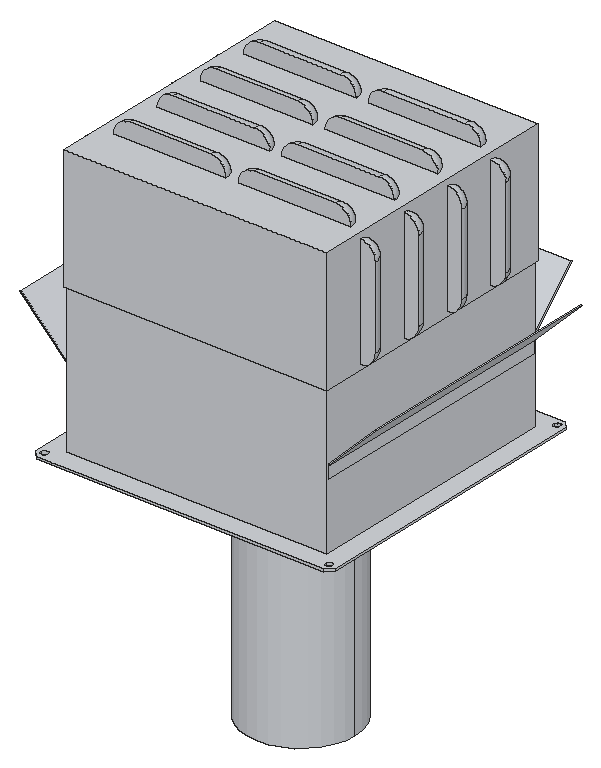
Revit family "PVHEX47-200 - EDVWSPV47", category Generic Models, host Face, Revit 2019
Family settings
  Host = Face
  Can host rebar = No
  Round Connector Dimension = Use Diameter
  Part Type = Normal
  Cut with Voids When Loaded = No
  Shared = No
  Room Calculation Point = No
Parameters
  Default Elevation = 48.00"
Reference planes (in)
  plane 1 "Center (Front/Back)": y = 0
  plane 2: z = 0
  plane 3 "Center (Left/Right)": x = 0
Forms (in)
  Extrusion 1, solid
    sketch origin (0, 0, 0) x (1, 0, 0) y (0, 1, 0)
      loop
        line (-5.53125, 5.28164) -> (-5.53125, -5.28164) -> (-5.28164, -5.53125) -> (5.28164, -5.53125) -> (5.53125, -5.28164) -> (5.53125, 5.28164) -> (5.28164, 5.53125) -> (-5.28164, 5.53125) -> (-5.53125, 5.28164)
      loop
        circle (5.24171, 5.24171) r 0.1248
      loop
        circle (-5.24171, 5.24171) r 0.1248
      loop
        circle (-5.24171, -5.24171) r 0.1248
      loop
        circle (5.24171, -5.24171) r 0.1248
    from 0 to 0.07
  Extrusion 2, solid
    sketch origin (0, 0, 0) x (1, 0, 0) y (0, 1, 0)
      loop
        line (-4.85083, 4.85083) -> (-4.85083, -4.85083) -> (4.85083, -4.85083) -> (4.85083, 4.85083) -> (-4.85083, 4.85083)
    from 5.52 to 10.06
  Extrusion 3, solid
    sketch origin (0, 0, 0) x (1, 0, 0) y (0, 1, 0)
      loop
        line (-4.77744, 4.77744) -> (-4.77744, -4.77744) -> (4.77744, -4.77744) -> (4.77744, 4.77744) -> (-4.77744, 4.77744)
    from 0.07 to 5.52
  Extrusion 4, solid
    sketch origin (-3.62861, -4.77744, -2.0226) x (1, 0, 0) y (0, 0, 1)
      loop
        line (10.1778, 6.76505) -> (8.40606, 4.9933) -> (8.40606, 4.5426) -> (8.442, 4.5426) -> (8.442, 4.97842) -> (10.20321, 6.73963) -> (10.1778, 6.76505)
    from -9.49115 to -0.06374
  Extrusion 5, solid
    sketch origin (3.62861, -4.77744, -2.0226) x (-1, 0, 0) y (0, 0, -1)
      loop
        line (10.1778, -6.76505) -> (10.20321, -6.73963) -> (8.442, -4.97842) -> (8.442, -4.5426) -> (8.40606, -4.5426) -> (8.40606, -4.9933) -> (10.1778, -6.76505)
    from -9.49115 to -0.06374
  Extrusion 6, solid
    sketch origin (4.77744, -3.62861, -2.0226) x (0, 1, 0) y (0, 0, 1)
      loop
        line (10.1778, 6.76505) -> (8.40606, 4.9933) -> (8.40606, 4.5426) -> (8.442, 4.5426) -> (8.442, 4.97842) -> (10.20321, 6.73963) -> (10.1778, 6.76505)
    from -9.49115 to -0.06374
  Revolve 7, solid
    sketch origin (0, 0, 10.06) x (1, 0, 0) y (0, 1, 0)
      loop
        arc (4.42486, 2.76744) -> (4.25719, 3.17223) -> (3.85241, 3.3399) r 0.57245
        line (3.85241, 3.3399) -> (0.85714, 3.3399)
        arc (0.85714, 3.3399) -> (0.45236, 3.17223) -> (0.28469, 2.76744) r 0.57245
        line (0.28469, 2.76744) -> (4.42486, 2.76744)
      axis (0.28469, 2.76744) -> (4.42486, 2.76744)
    angle from 0 to -90
  Revolve 8, solid
    sketch origin (0, -1.99684, 10.06) x (1, 0, 0) y (0, 1, 0)
      loop
        arc (4.42486, 2.76744) -> (4.25719, 3.17223) -> (3.85241, 3.3399) r 0.57245
        line (3.85241, 3.3399) -> (0.85714, 3.3399)
        arc (0.85714, 3.3399) -> (0.45236, 3.17223) -> (0.28469, 2.76744) r 0.57245
        line (0.28469, 2.76744) -> (4.42486, 2.76744)
      axis (0.28469, 2.76744) -> (4.42486, 2.76744)
    angle from 0 to -90
  Revolve 9, solid
    sketch origin (0, -3.99368, 10.06) x (1, 0, 0) y (0, 1, 0)
      loop
        arc (4.42486, 2.76744) -> (4.25719, 3.17223) -> (3.85241, 3.3399) r 0.57245
        line (3.85241, 3.3399) -> (0.85714, 3.3399)
        arc (0.85714, 3.3399) -> (0.45236, 3.17223) -> (0.28469, 2.76744) r 0.57245
        line (0.28469, 2.76744) -> (4.42486, 2.76744)
      axis (0.28469, 2.76744) -> (4.42486, 2.76744)
    angle from 0 to -90
  Revolve 10, solid
    sketch origin (0, -5.99052, 10.06) x (1, 0, 0) y (0, 1, 0)
      loop
        arc (4.42486, 2.76744) -> (4.25719, 3.17223) -> (3.85241, 3.3399) r 0.57245
        line (3.85241, 3.3399) -> (0.85714, 3.3399)
        arc (0.85714, 3.3399) -> (0.45236, 3.17223) -> (0.28469, 2.76744) r 0.57245
        line (0.28469, 2.76744) -> (4.42486, 2.76744)
      axis (0.28469, 2.76744) -> (4.42486, 2.76744)
    angle from 0 to -90
  Revolve 11, solid
    sketch origin (-4.59273, 0, 10.06) x (1, 0, 0) y (0, 1, 0)
      loop
        arc (4.42486, 2.76744) -> (4.25719, 3.17223) -> (3.85241, 3.3399) r 0.57245
        line (3.85241, 3.3399) -> (0.85714, 3.3399)
        arc (0.85714, 3.3399) -> (0.45236, 3.17223) -> (0.28469, 2.76744) r 0.57245
        line (0.28469, 2.76744) -> (4.42486, 2.76744)
      axis (0.28469, 2.76744) -> (4.42486, 2.76744)
    angle from 0 to -90
  Revolve 12, solid
    sketch origin (-4.59273, -1.99684, 10.06) x (1, 0, 0) y (0, 1, 0)
      loop
        arc (4.42486, 2.76744) -> (4.25719, 3.17223) -> (3.85241, 3.3399) r 0.57245
        line (3.85241, 3.3399) -> (0.85714, 3.3399)
        arc (0.85714, 3.3399) -> (0.45236, 3.17223) -> (0.28469, 2.76744) r 0.57245
        line (0.28469, 2.76744) -> (4.42486, 2.76744)
      axis (0.28469, 2.76744) -> (4.42486, 2.76744)
    angle from 0 to -90
  Revolve 13, solid
    sketch origin (-4.59273, -3.99368, 10.06) x (1, 0, 0) y (0, 1, 0)
      loop
        arc (4.42486, 2.76744) -> (4.25719, 3.17223) -> (3.85241, 3.3399) r 0.57245
        line (3.85241, 3.3399) -> (0.85714, 3.3399)
        arc (0.85714, 3.3399) -> (0.45236, 3.17223) -> (0.28469, 2.76744) r 0.57245
        line (0.28469, 2.76744) -> (4.42486, 2.76744)
      axis (0.28469, 2.76744) -> (4.42486, 2.76744)
    angle from 0 to -90
  Revolve 14, solid
    sketch origin (-4.59273, -5.99052, 10.06) x (1, 0, 0) y (0, 1, 0)
      loop
        arc (4.42486, 2.76744) -> (4.25719, 3.17223) -> (3.85241, 3.3399) r 0.57245
        line (3.85241, 3.3399) -> (0.85714, 3.3399)
        arc (0.85714, 3.3399) -> (0.45236, 3.17223) -> (0.28469, 2.76744) r 0.57245
        line (0.28469, 2.76744) -> (4.42486, 2.76744)
      axis (0.28469, 2.76744) -> (4.42486, 2.76744)
    angle from 0 to -90
  Revolve 15, solid
    sketch origin (4.85083, 10.42324, 8.47252) x (0, 0, 1) y (0, -1, 0)
      loop
        line (1.38756, 7.77261) -> (-2.75261, 7.77261)
        arc (-2.75261, 7.77261) -> (-2.58494, 7.36783) -> (-2.18015, 7.20016) r 0.57245
        line (-2.18015, 7.20016) -> (0.81511, 7.20016)
        arc (0.81511, 7.20016) -> (1.21989, 7.36783) -> (1.38756, 7.77261) r 0.57245
      axis (-2.75261, 7.77261) -> (1.38756, 7.77261)
    angle from 0 to -90
  Revolve 16, solid
    sketch origin (4.85083, 8.4264, 8.47252) x (0, 0, 1) y (0, -1, 0)
      loop
        line (1.38756, 7.77261) -> (-2.75261, 7.77261)
        arc (-2.75261, 7.77261) -> (-2.58494, 7.36783) -> (-2.18015, 7.20016) r 0.57245
        line (-2.18015, 7.20016) -> (0.81511, 7.20016)
        arc (0.81511, 7.20016) -> (1.21989, 7.36783) -> (1.38756, 7.77261) r 0.57245
      axis (-2.75261, 7.77261) -> (1.38756, 7.77261)
    angle from 0 to -90
  Revolve 17, solid
    sketch origin (4.85083, 6.42956, 8.47252) x (0, 0, 1) y (0, -1, 0)
      loop
        line (1.38756, 7.77261) -> (-2.75261, 7.77261)
        arc (-2.75261, 7.77261) -> (-2.58494, 7.36783) -> (-2.18015, 7.20016) r 0.57245
        line (-2.18015, 7.20016) -> (0.81511, 7.20016)
        arc (0.81511, 7.20016) -> (1.21989, 7.36783) -> (1.38756, 7.77261) r 0.57245
      axis (-2.75261, 7.77261) -> (1.38756, 7.77261)
    angle from 0 to -90
  Revolve 18, solid
    sketch origin (4.85083, 4.43272, 8.47252) x (0, 0, 1) y (0, -1, 0)
      loop
        line (1.38756, 7.77261) -> (-2.75261, 7.77261)
        arc (-2.75261, 7.77261) -> (-2.58494, 7.36783) -> (-2.18015, 7.20016) r 0.57245
        line (-2.18015, 7.20016) -> (0.81511, 7.20016)
        arc (0.81511, 7.20016) -> (1.21989, 7.36783) -> (1.38756, 7.77261) r 0.57245
      axis (-2.75261, 7.77261) -> (1.38756, 7.77261)
    angle from 0 to -90
  Revolve 19, solid
    sketch origin (-4.85083, 10.42324, 8.47252) x (0, 0, 1) y (0, 1, 0)
      loop
        arc (1.38756, -7.77261) -> (1.21989, -7.36783) -> (0.81511, -7.20016) r 0.57245
        line (0.81511, -7.20016) -> (-2.18015, -7.20016)
        arc (-2.18015, -7.20016) -> (-2.58494, -7.36783) -> (-2.75261, -7.77261) r 0.57245
        line (-2.75261, -7.77261) -> (1.38756, -7.77261)
      axis (-2.75261, -7.77261) -> (1.38756, -7.77261)
    angle from 0 to -90
  Revolve 20, solid
    sketch origin (-4.85083, 8.4264, 8.47252) x (0, 0, 1) y (0, 1, 0)
      loop
        arc (1.38756, -7.77261) -> (1.21989, -7.36783) -> (0.81511, -7.20016) r 0.57245
        line (0.81511, -7.20016) -> (-2.18015, -7.20016)
        arc (-2.18015, -7.20016) -> (-2.58494, -7.36783) -> (-2.75261, -7.77261) r 0.57245
        line (-2.75261, -7.77261) -> (1.38756, -7.77261)
      axis (-2.75261, -7.77261) -> (1.38756, -7.77261)
    angle from 0 to -90
  Revolve 21, solid
    sketch origin (-4.85083, 6.42956, 8.47252) x (0, 0, 1) y (0, 1, 0)
      loop
        arc (1.38756, -7.77261) -> (1.21989, -7.36783) -> (0.81511, -7.20016) r 0.57245
        line (0.81511, -7.20016) -> (-2.18015, -7.20016)
        arc (-2.18015, -7.20016) -> (-2.58494, -7.36783) -> (-2.75261, -7.77261) r 0.57245
        line (-2.75261, -7.77261) -> (1.38756, -7.77261)
      axis (-2.75261, -7.77261) -> (1.38756, -7.77261)
    angle from 0 to -90
  Revolve 22, solid
    sketch origin (-4.85083, 4.43272, 8.47252) x (0, 0, 1) y (0, 1, 0)
      loop
        arc (1.38756, -7.77261) -> (1.21989, -7.36783) -> (0.81511, -7.20016) r 0.57245
        line (0.81511, -7.20016) -> (-2.18015, -7.20016)
        arc (-2.18015, -7.20016) -> (-2.58494, -7.36783) -> (-2.75261, -7.77261) r 0.57245
        line (-2.75261, -7.77261) -> (1.38756, -7.77261)
      axis (-2.75261, -7.77261) -> (1.38756, -7.77261)
    angle from 0 to -90
  Extrusion 23, solid
    sketch origin (0, 0, 0) x (1, 0, 0) y (0, 1, 0)
      loop
        circle (0, 0) r 2
    from 0 to -9
Dimensions and locks (in)
  aligned and locked: plane 2 to host face
  aligned and locked: level to host face
Connectors (in)
  hvac at (0, 0, -9)
    settings: on Extrusion 23, index 1, duct flow 0 CFM, flow factor 0, pres drop 0.00 in-wg, loss coef 0, conn angle 0.00°, conn width 12", conn height 12", conn diameter 4", duct sys type 1, conn prof type 0, flow config 0, flow direction 0, loss method 0, conn ref index -1, conn util no, is conn primary yes, conn desc ""
